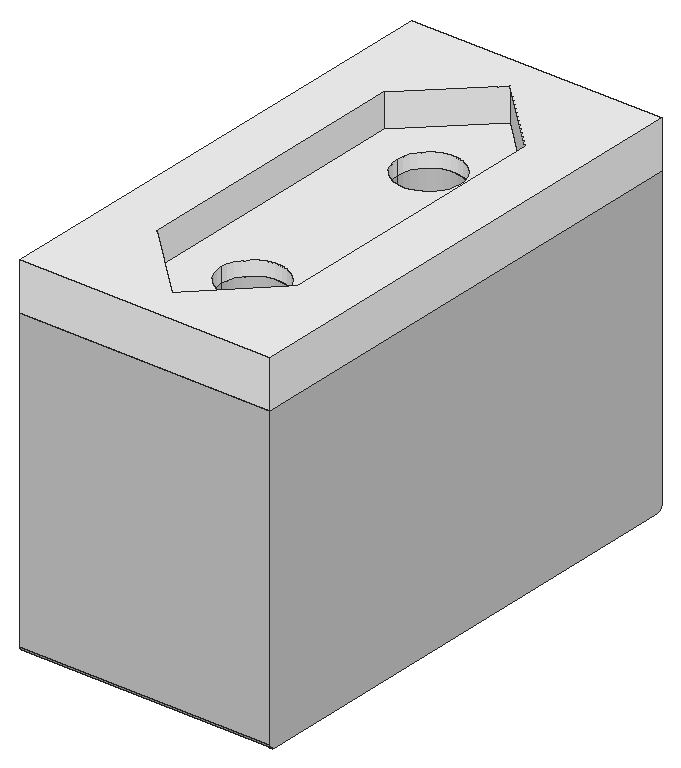
Revit family "Domotics-DomesticRanges-GEWISS-SYSTEM_POWER-SOCKET-OUTLET_ISR_1M", category Apparecchi elettrici, host Superficie, Revit 2016
Family settings
  Host = Superficie
  Mantenere orientamento annotazione = Sì
  Tipo di parte = Normale
  Quota connettore circolare = Usa diametro
  Numero OmniClass = 23.80.50.14
  Titolo OmniClass = Plug Connectors
  Taglio con vuoti quando caricato = Sì
  Condiviso = Sì
  Punto di calcolo locali = No
Parameters (values of type "GW20320 - S. OUTLET 2M 2P 10A ISRAELY SY/WH")
  Vista di pianta [instance] = yes
  Version file RFA = "19.4"
  URL = "https://www.gewiss.com/ww/en"
  Tipo_ = SYSTEM PRESE ISRAELE BASE : GW20320 Presa standard Israeliano 2P 10A bianco
  Technical sheet = "https://www.gewiss.com/ww/en/search?q=GW20320"
  Simbolo = SIMBOLO PRESE : PRESA
  SIMBOLO [instance] = yes
  SEO = "Socket outlet"
  Realized by GEWISS S.p.A. = ""
  Produttore = "GEWISS S.p.A."
  Offset_bidimensionale [instance] = 2 mm
  Offset_presa [instance] = 0 mm
  No. SYSTEM modules = "1"
  Modello = "GW20320"
  Larghezza presa = 23 mm
  IFC.TypeObject = ""
  IFC.ExportType = ""
  IFC.ExportAs = ""
  IDT = "0805872f-338d-4882-8bc1-e08a323adf42"
  IDF = "91f88b9e-6881-42e4-ae49-3583b1340b71"
  For plug pins = "Round Ø 4 mm"
  Electrocod = "0131                "
  EAN code = "8011564818019"
  Distanza_x [instance] = 0 mm
  Distanza_effettiva_x [instance] = 1500 mm - Distanza_x  # 1500 mm
  Default Elevation = 1219.2 mm
  Immagine tipo = GW20320.jpg
  Descrizione = "S. OUTLET 2M 2P 10A ISRAELY SY/WH"
  Description: = "2P - 10 A"
  Description. = "Israel"
  Colour = "White"
  Catalogue Range = "SYSTEM - DOMESTIC RANGE"
  Catalogue = "DOMOTICS"
  COBie.Tagnumber = ""
  COBie.CreatedOn = ""
  COBie.CreatebBy = ""
  COBie.ComponentRegisterItemID = ""
  COBie.Component.TagNumber = ""
  COBie.Component.Space = ""
  COBie.Component.SerialNumber = ""
  COBie.Component.InstallationDate = ""
  COBie.Component.Description = ""
  COBie.Component.BarCode = ""
Reference planes
  plane 1 "Centro (Fronte/Retro)": y = 0
  plane 2: z = 0
  plane 3 "Centro (Sinistra/Destra)": x = 0
  plane 4: z = 0
  plane 5 "bidimensionale": z = 41
  plane 6: x = 0
  plane 7: x = -11.5
  plane 8: x = 11.5
  plane 9: z = 39
  plane 10: y = 22.5
  plane 11: y = -22.5
  plane 12: x = -1500
  plane 13: x = -11.5
  plane 14: x = 11.5
Lines and regions (mm)
  Masking region 1, visible <- "Vista di pianta"
    outline origin (0, 0, 0) x (1, 0, 0) y (0, 0, 1)
      loop
        line (-11.5, 39) -> (-11.5, 0) -> (11.5, 0) -> (11.5, 39) -> (-11.5, 39)
  Masking region 2
    outline origin (0, 0, 0) x (0, 1, 0) y (0, 0, 1)
      loop
        line (-22.5, 39) -> (-22.5, 0) -> (22.5, 0) -> (22.5, 39) -> (-22.5, 39)
Dimensions and locks
  "Offset_presa": plane 4 to host face
  equal spacing: plane 7, plane 3 "Centro (Sinistra/Destra)", plane 8
  "Larghezza presa": plane 7 to plane 8
  locked: plane 9 to plane 4 at 39
  locked: plane 10 to plane 11 at 45
  "Offset_bidimensionale": plane 5 "bidimensionale" to plane 9
  "Distanza_effettiva_x": plane 12 to plane 6
  plane 12 to plane 3 "Centro (Sinistra/Destra)" = 1500 mm
  aligned and locked: plane 2 to host face
  aligned and locked: level to host face
  aligned and locked: plane 1 "Centro (Fronte/Retro)" to nested 1
  aligned and locked: plane 3 "Centro (Sinistra/Destra)" to nested 1
  aligned and locked: plane 6 to nested 2
  aligned and locked: Masking region 1 sketch curve to plane 9
  aligned and locked: plane 7 to Masking region 1 sketch curve
  aligned and locked: plane 4 to Masking region 1 sketch curve
  aligned and locked: plane 11 to import instance
  aligned and locked: plane 13 to nested 1
  aligned and locked: nested 1 to plane 14
  aligned and locked: plane 14 to import instance
  aligned and locked: plane 7 to plane 13
  aligned and locked: Masking region 1 to plane 14
  aligned and locked: Masking region 2 sketch curve to plane 9
  aligned and locked: plane 11 to Masking region 2 sketch curve
  aligned and locked: Masking region 2 sketch curve to plane 10
  aligned and locked: plane 4 to Masking region 2 sketch curve
  aligned and locked: plane 5 "bidimensionale" to import instance  (x2)
Automatic sketch dimensions
  host sketch curve to host sketch curve = 2438.4 mm  (x2)
  Masking region 1 sketch curve to plane 8 = 0 mm
Nested families
  nested 1: "SYSTEM PRESE ISRAELE BASE" at (0, 0, 0), type <- "Tipo_", type "GW20320 Presa standard Israeliano 2P 10A bianco"
  nested 2: "SIMBOLO PRESE" at (0, 90.928, 0), type <- "Simbolo", SIMBOLO <- "SIMBOLO", type "PRESA"
    with TESTO ELETTRICO "10", SIMBOLO yes, Distanza dal muro 1 mm, BORDO ACCESO yes
Connectors
  electrical at (0, 0, 0)
    settings: on nested 1, index 1, voltage 0 V, apparent load 0 VA, apparent load phase1 0 VA, apparent load phase2 0 VA, apparent load phase3 0 VA, power factor 1, load classification "Other", number of poles 1, system type 31, power factor state 1, is connector primary yes, connector utility no, sub classification motor no, connector description ""
Definition of nested family "SYSTEM PRESE ISRAELE BASE"
  Parameters (values of type "GW20205 - PRESA 2P+T 16A ST.ITALIANO/TED.SY/WT")
    Struttura = none
    Pulsante = none
    Profondità supporto = 28 mm  # constant formula
    Profondità presa = 36.7 mm  # constant formula
    Metallo = none
    Larghezza presa = 23 mm  # constant formula
    Distanza simbolo = 30 mm  # constant formula
    Bidimensionale = 44.7 mm  # constant formula
    Altezza simbolo = 30 mm  # constant formula
    Altezza presa = 45 mm  # constant formula
  Types (2): name
    GW20205 - PRESA 2P+T 16A ST.ITALIANO/TED.SY/WT
    GW21205 - PRESA 2P+T 16A ST.ITALIANO/TED.SY/BK
  Reference planes
    plane 1 "Centro (Fronte/Retro)": y = 0
    plane 2: z = 0
    plane 3 "Centro (Sinistra/Destra)": x = 0
    plane 4: x = -11.5
    plane 5: x = 11.5
    plane 6: y = 22.5
    plane 7: y = -22.5
    plane 8 "PIANO BIDIMENSIONALE": z = 44.7
    plane 9: z = 28
    plane 10: z = 36.7
    plane 11: z = 32.35
    plane 12: z = 7.35
  Forms (mm)
    Extrusion 1, solid, material <- "Struttura", detail levels medium+fine
      sketch origin (0, 0, 0) x (0, 1, 0) y (0, 0, 1)
        loop
          line (22.5, 0.5) -> (22.5, 28) -> (-22.5, 28) -> (-22.5, 0.5)
          arc (-22.5, 0.5) -> (-22.354, 0.146) -> (-22, 0) r 0.5
          line (-22, 0) -> (22, 0)
          arc (22, 0) -> (22.354, 0.146) -> (22.5, 0.5) r 0.5
      from -11.5 to 11.5
    Extrusion 2, solid, material <- "Pulsante", detail levels medium+fine
      sketch origin (0, 0, 0) x (0, 1, 0) y (0, 0, 1)
        loop
          line (-22.5, 28) -> (22.5, 28) -> (22.5, 32.35) -> (-22.5, 32.35) -> (-22.5, 28)
      from -11.5 to 11.5
    Extrusion 3, void, detail levels medium+fine
      sketch origin (0, 0, 44.7) x (-1, 0, 0) y (0, -1, 0)
        loop
          line (0, -19.428) -> (6.453, -13.066) -> (6.453, 13.066) -> (0, 19.428) -> (-6.453, 13.066) -> (-6.453, -13.066) -> (0, -19.428)
      from -15.375 to -12.35
    Extrusion 4, void
      sketch origin (0, 0, 44.7) x (-1, 0, 0) y (0, -1, 0)
        loop
          circle (0, -10.125) r 2.942
        loop
          circle (0, 10.125) r 2.942
      from -37.35 to -12.33
  Cuts and joins
    Extrusion 3, Extrusion 4 cuts Extrusion 2
    Extrusion 4 cuts Extrusion 1
  Lines and regions (mm)
    Masking region 1
      outline origin (0, 0, 44.7) x (-1, 0, 0) y (0, -1, 0)
        loop
          line (11.5, -22.5) -> (11.5, 22.5) -> (-11.5, 22.5) -> (-11.5, -22.5) -> (11.5, -22.5)
    model lines, not visible, detail levels coarse
      curve 1: line (-23, 22.5, -28.04) -> (23, 22.5, -28.04)
      curve 2: line (-23, -22.5, -28.04) -> (-23, 22.5, -28.04)
      curve 3: line (23, -22.5, -28.04) -> (-23, -22.5, -28.04)
      curve 4: line (23, 22.5, -28.04) -> (23, -22.5, -28.04)
      curve 5: line (20.961, -11.913, -28.04) -> (20.961, 11.913, -28.04)
      curve 6: line (20.961, 11.913, -28.04) -> (16.013, 11.913, -28.04)
      curve 7: arc (16.013, 11.913, -28.04) -> (0, 19.959, -28.04) -> (-16.013, 11.913, -28.04) r 19.959
      curve 8: line (-20.961, 11.913, -28.04) -> (-16.013, 11.913, -28.04)
      curve 9: line (-20.961, -11.913, -28.04) -> (-20.961, 11.913, -28.04)
      curve 10: line (-16.493, -11.913, -28.04) -> (-20.961, -11.913, -28.04)
      curve 11: arc (-16.493, -11.913, -28.04) -> (0, -20.345, -28.04) -> (16.493, -11.913, -28.04) r 20.345
      curve 12: line (16.493, -11.913, -28.04) -> (20.961, -11.913, -28.04)
      curve 13: line (2.211, -20.225, -28.04) -> (2.211, -18.215, -28.04)
      curve 14: line (-2.211, -20.225, -28.04) -> (-2.211, -18.215, -28.04)
      curve 15: line (2.211, -18.215, -28.04) -> (-2.211, -18.215, -28.04)
      curve 16: line (-2.211, 19.836, -28.04) -> (-2.211, 17.826, -28.04)
      curve 17: line (2.211, 19.836, -28.04) -> (2.211, 17.826, -28.04)
      curve 18: line (2.211, 17.826, -28.04) -> (-2.211, 17.826, -28.04)
      curve 19: circle (0.006, -0.137, -28.04) r 2.942 normal (0, 0, 1)
      curve 20: arc (-9.662, -2.712, -28.04) -> (-7.04, -0.143, -28.04) -> (-9.805, 2.27, -28.04) r 2.5
      curve 21: arc (-9.805, 2.27, -28.04) -> (-15.774, -0.395, -28.04) -> (-9.662, -2.712, -28.04) r 3.536
      curve 22: arc (9.805, 2.27, -28.04) -> (7.04, -0.143, -28.04) -> (9.662, -2.712, -28.04) r 2.5
      curve 23: arc (9.662, -2.712, -28.04) -> (15.774, -0.395, -28.04) -> (9.805, 2.27, -28.04) r 3.536
      curve 24: line (71.377, 74.281, 39) -> (117.377, 74.281, 39)
      curve 25: line (71.377, 29.281, 39) -> (71.377, 74.281, 39)
      curve 26: line (117.377, 29.281, 39) -> (71.377, 29.281, 39)
      curve 27: line (117.377, 74.281, 39) -> (117.377, 29.281, 39)
      curve 28: line (77.8, 54.319, 39) -> (74.191, 54.319, 39)
      curve 29: line (77.8, 63.576, 39) -> (77.8, 54.319, 39)
      curve 30: circle (83.597, 51.488, 39) r 3.536 normal (0, 0, 1)
      curve 31: circle (94.377, 51.488, 39) r 3.085 normal (0, 0, 1)
      curve 32: circle (105.158, 51.488, 39) r 3.536 normal (0, 0, 1)
      curve 33: line (92.321, 69.507, 39) -> (96.433, 69.507, 39)
      curve 34: line (96.433, 69.507, 39) -> (96.433, 72.022, 39)
      curve 35: line (92.321, 72.022, 39) -> (92.321, 69.507, 39)
      curve 36: circle (94.377, 51.781, 39) r 20.345 normal (0, 0, 1)
      curve 37: line (77.8, 49.243, 39) -> (74.191, 49.243, 39)
      curve 38: line (77.8, 39.986, 39) -> (77.8, 49.243, 39)
      curve 39: line (110.955, 54.319, 39) -> (114.564, 54.319, 39)
      curve 40: line (110.955, 63.576, 39) -> (110.955, 54.319, 39)
      curve 41: line (110.955, 49.243, 39) -> (114.564, 49.243, 39)
      curve 42: line (110.955, 39.986, 39) -> (110.955, 49.243, 39)
      curve 43: line (92.321, 34.055, 39) -> (96.433, 34.055, 39)
      curve 44: line (96.433, 34.055, 39) -> (96.433, 31.54, 39)
      curve 45: line (92.321, 31.54, 39) -> (92.321, 34.055, 39)
  Dimensions and locks
    equal spacing: plane 4, plane 3 "Centro (Sinistra/Destra)", plane 5
    "Larghezza presa": plane 4 to plane 5
    equal spacing: plane 6, plane 1 "Centro (Fronte/Retro)", plane 7
    "Altezza presa": plane 6 to plane 7
    "Bidimensionale": plane 8 "PIANO BIDIMENSIONALE" to level
    plane 8 "PIANO BIDIMENSIONALE" to plane 9 = 16.7 mm
    "Profondità presa": plane 10 to plane 2
    "Profondità supporto": plane 9 to plane 2
    equal spacing: plane 10, plane 11, plane 9
    locked: plane 11 to plane 12 at 25
    aligned and locked: level to plane 2
    aligned and locked: Extrusion 1 to Extrusion 2  (x2)
    aligned and locked: Extrusion 2 sketch curve to Extrusion 1
    aligned and locked: plane 9 to Extrusion 1
    aligned and locked: Extrusion 2 to plane 4
    aligned and locked: plane 5 to Extrusion 2
    aligned and locked: Extrusion 2 to Extrusion 3
    aligned and locked: plane 11 to cut or joined group of Extrusion 2, Extrusion 3, Extrusion 4
    aligned and locked: Masking region 1 sketch curve to Extrusion 1  (x3)
    aligned and locked: import instance to plane 6
    aligned and locked: import instance to plane 5
    aligned and locked: cut or joined group of Extrusion 2, Extrusion 3, Extrusion 4 to plane 7
    aligned and locked: Extrusion 4 to plane 12
  Automatic sketch dimensions
    curve 7 to curve 11 = 0 mm  (x4)
    curve 3 to curve 5 = 2.039 mm
    curve 5 to curve 12 = 4.468 mm
    curve 5 to curve 6 = 4.947 mm
    curve 11 to curve 23 = 4.253 mm
    curve 7 to curve 18 = 13.803 mm
    curve 12 to curve 13 = 14.282 mm
    curve 22 to curve 19 = 9.533 mm
    curve 19 to curve 11 = 0.006 mm
    curve 13 to curve 14 = 4.421 mm
    curve 17 to curve 18 = 4.421 mm
    curve 7 to curve 20 = 9.539 mm
    curve 20 to curve 21 = 2.701 mm
    curve 21 to curve 8 = 3.774 mm
    curve 21 to curve 10 = 4.253 mm
    curve 7 to curve 9 = 4.947 mm
    curve 9 to curve 2 = 2.039 mm
    curve 1 to curve 18 = 4.674 mm
    curve 1 to curve 6 = 10.587 mm
    curve 16 to curve 7 = 17.826 mm
    curve 7 to curve 19 = 0.137 mm
    curve 19 to curve 22 = 0.079 mm
    curve 7 to curve 20 = 0.215 mm
    curve 22 to curve 23 = 0.078 mm
    curve 20 to curve 21 = 0.078 mm
    curve 21 to curve 9 = 11.62 mm
    curve 13 to curve 13 = 2.01 mm
    curve 9 to curve 3 = 10.587 mm
    curve 22 to curve 22 = 0.266 mm
    curve 23 to curve 22 = 0.122 mm
    curve 20 to curve 21 = 0.122 mm
    curve 20 to curve 21 = 0.266 mm
    curve 22 to curve 22 = 2.486 mm
    Extrusion 1 sketch curve to plane 7 = 0 mm
    Extrusion 1 sketch curve to level = 0 mm
    Extrusion 1 sketch curve to plane 6 = 0 mm
    Extrusion 1 sketch curve to plane 9 = 0 mm
    plane 7 to Extrusion 1 sketch curve = 0.5 mm
    level to Extrusion 1 sketch curve = 0.5 mm
    Extrusion 2 sketch curve to plane 7 = 0 mm
    Extrusion 2 sketch curve to plane 6 = 0 mm
    curve 30 to curve 32 = 0 mm
    curve 31 to curve 32 = 0 mm
    curve 41 to curve 32 = 5.796 mm
    curve 39 to curve 39 = 3.609 mm
    curve 41 to curve 41 = 3.609 mm
    curve 27 to curve 42 = 6.423 mm
    curve 43 to curve 45 = 4.112 mm
    curve 33 to curve 33 = 4.112 mm
    curve 30 to curve 28 = 5.796 mm
    curve 37 to curve 28 = 0 mm
    curve 37 to curve 37 = 3.609 mm
    curve 28 to curve 28 = 3.609 mm
    curve 29 to curve 25 = 6.423 mm
    curve 29 to curve 30 = 2.831 mm
    curve 39 to curve 32 = 2.831 mm
    curve 34 to curve 40 = 5.931 mm
    curve 35 to curve 35 = 2.515 mm
    curve 34 to curve 33 = 2.515 mm
    curve 24 to curve 29 = 10.705 mm
    curve 39 to curve 41 = 5.075 mm
    curve 43 to curve 44 = 2.515 mm
    curve 43 to curve 45 = 2.515 mm
    curve 42 to curve 27 = 10.705 mm
    curve 36 to curve 31 = 0 mm
    curve 36 to curve 31 = 0.293 mm
    Extrusion 2 sketch curve to plane 10 = 4.35 mm
    Masking region 1 sketch curve to plane 4 = 0 mm
    Extrusion 3 sketch curve to plane 3 "Centro (Sinistra/Destra)" = 0 mm  (x2)
    Extrusion 3 sketch curve to plane 6 = 3.072 mm
    plane 4 to Extrusion 3 sketch curve = 5.047 mm
    plane 7 to Extrusion 3 sketch curve = 3.072 mm
    Extrusion 3 sketch curve to plane 5 = 5.047 mm
    Extrusion 3 sketch curve to Extrusion 3 sketch curve = 6.362 mm  (x4)
    radius of curve 19 = 2.942 mm
    radius of curve 30 = 3.536 mm
    radius of curve 31 = 3.085 mm
    radius of curve 32 = 3.536 mm
Definition of nested family "SIMBOLO PRESE"
  Parameters (values of type "PRESA")
    TESTO ELETTRICO [instance] = "TXT"
    Simbolo = SIMBOLO PRESE_BASE : PRESA
    SIMBOLO [instance] = yes
    Distanza dal muro [instance] = 4.208 mm
    BORDO ACCESO [instance] = yes
  Reference planes
    plane 1: y = 0
    plane 2: x = 0
  Dimensions and locks
    "Distanza dal muro": plane 1 to nested 1
  Nested families
    nested 1: "SIMBOLO PRESE_BASE" at (0, 4.208, 0), type <- "Simbolo", TESTO ELETTRICO <- "TESTO ELETTRICO", BORDO ACCESO <- "BORDO ACCESO", visible <- "SIMBOLO", type "PRESA"
      with TESTO ELETTRICO "TXT", BORDO ACCESO yes
  Definition of nested family "SIMBOLO PRESE_BASE"
    Parameters (values of type "PRESA")
      TESTO ELETTRICO [instance] = "TXT"
      Distanza dal muro = 4.208 mm
      BORDO ACCESO [instance] = yes
    Reference planes
      plane 1: y = 0
      plane 2: x = 0
    Lines and regions (mm)
      detail lines, visible <- "BORDO ACCESO", not visible
        curve 1: line (-1.743, 9.208, 0) -> (2.057, 9.208, 0)
        curve 2: line (2.057, 9.208, 0) -> (2.057, 4.208, 0)
        curve 3: line (2.057, 4.208, 0) -> (-1.743, 4.208, 0)
        curve 4: line (-1.743, 4.208, 0) -> (-1.743, 9.208, 0)
        curve 5: line (-1.543, 9.008, 0) -> (1.857, 9.008, 0)
        curve 6: line (1.857, 9.008, 0) -> (1.857, 4.408, 0)
        curve 7: line (1.857, 4.408, 0) -> (-1.543, 4.408, 0)
        curve 8: line (-1.543, 4.408, 0) -> (-1.543, 9.008, 0)
      detail lines
        curve 9: line (0.783, 1.133, 0) -> (-0.783, 1.133, 0)
        curve 10: line (0, 1.133, 0) -> (0, 0.349, 0)
        curve 11: arc (-0.783, 1.916, 0) -> (0, 1.133, 0) -> (0.783, 1.916, 0) r 0.783
    Text (mm)
      label "TXT" at (0.016, 1.578, 0), shows "TESTO ELETTRICO"
